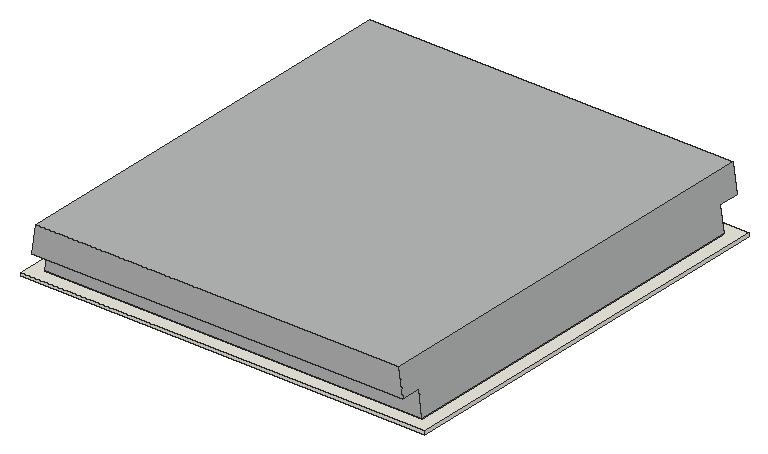
Revit family "OPERLUX", category Осветительные приборы, Revit 2019 (continued)
Types (8, lengths in mm): name | Файл фотометрической сетки | built-in parameter 1150105 | Lumens | built-in parameter 1150106 | built-in parameter 1150142 | Wattage | ADSK_Ток | ADSK_Полная мощность | ADSK_Обозначение | ADSK_Номинальная мощность | ADSK_Наименование | ADSK_Код изделия
  CSVT Operlux - 50/opal-sand (IP20, 4000К, грильято) | "Светильник OPERLUX-50 OPAL-SAND-(595х595).IES" | 350.14 (stored number, unit not read) | 4400 lm | 3.5014 (stored number, unit not read) | "IESNA:LM-63-95\r\n[TEST] Протокол №87\r\n[DATA] 01.08.2016\r\n[MORE] \r\n[MANUFAC] ЗАО \"Центрстройсвет\"\r\n[LUMCAT]  Светильник OPERLUX-50/OPAL-SAND-(595х595)\r\n[LUMINAIRE]\r\n[LAMPCAT] Светодиоды\r\n[LAMP] Поток источника света (светодиодов) не известен\r\n[MORE] КСС приведена в абсолютных величинах кд\r\n[MORE] Вместо потока лампы, указан поток светильника.\r\nTILT=NONE\r\n1    4360 1.0 37 73 1 2 0.595 0.595 0.08\r\n1.0 1.0 51.1\r\n0.0 5.0 10.0 15.0 20.0 25.0 30.0 35.0 40.0 45.0 50.0 55.0 60.0 65.0 70.0 75.0 80.0 85.0 90.0 95.0 100.0 105.0 110.0 115.0 120.0 125.0 130.0 135.0 140.0 145.0 150.0 155.0 160.0 165.0 170.0 175.0 180.0\r\n0.0 5.0 10.0 15.0 20.0 25.0 30.0 35.0 40.0 45.0 50.0 55.0 60.0 65.0 70.0 75.0 80.0 85.0 90.0 95.0 100.0 105.0 110.0 115.0 120.0 125.0 130.0 135.0 140.0 145.0 150.0 155.0 160.0 165.0 170.0 175.0 180.0 185.0 190.0 195.0 200.0 205.0 210.0 215.0 220.0 225.0 230.0 235.0 240.0 245.0 250.0 255.0 260.0 265.0 270.0 275.0 280.0 285.0 290.0 295.0 300.0 305.0 310.0 315.0 320.0 325.0 330.0 335.0 340.0 345.0 350.0 355.0 360.0\r\n1668.7 1659.6 1629.6 1578.5 1506.9 1424.9 1328.8 1227.3 1103.9 991.5 866.9 745.1 621.0 501.1 379.2 267.2 163.9 67.3 3.7 0.0 0.0 0.0 0.0 0.0 0.0 0.0 0.0 0.0 0.0 0.0 0.0 0.0 0.0 0.0 0.0 0.0 0.0\r\n1668.7 1661.2 1627.4 1575.2 1509.7 1429.4 1327.7 1218.0 1105.0 985.9 869.3 744.6 622.5 498.8 379.1 267.9 162.9 68.6 3.2 0.0 0.0 0.0 0.0 0.0 0.0 0.0 0.0 0.0 0.0 0.0 0.0 0.0 0.0 0.0 0.0 0.0 0.0\r\n1668.7 1662.4 1628.3 1576.3 1510.5 1426.6 1332.1 1220.9 1109.0 994.6 869.0 748.3 623.0 500.7 379.9 267.3 162.3 69.8 3.0 0.0 0.0 0.0 0.0 0.0 0.0 0.0 0.0 0.0 0.0 0.0 0.0 0.0 0.0 0.0 0.0 0.0 0.0\r\n1668.7 1662.8 1628.0 1576.8 1512.4 1425.6 1334.9 1226.3 1114.2 993.5 867.6 746.9 625.4 500.4 379.6 266.7 161.7 69.6 2.9 0.0 0.0 0.0 0.0 0.0 0.0 0.0 0.0 0.0 0.0 0.0 0.0 0.0 0.0 0.0 0.0 0.0 0.0\r\n1668.7 1662.3 1629.5 1578.8 1506.4 1424.5 1327.6 1225.7 1113.2 992.2 870.2 744.3 620.6 498.0 379.5 267.1 162.0 69.0 3.3 0.0 0.0 0.0 0.0 0.0 0.0 0.0 0.0 0.0 0.0 0.0 0.0 0.0 0.0 0.0 0.0 0.0 0.0\r\n1668.7 1661.2 1629.2 1579.0 1511.2 1420.4 1326.5 1221.8 1112.1 991.1 870.4 745.3 620.4 499.7 379.3 267.1 161.7 68.5 3.5 0.0 0.0 0.0 0.0 0.0 0.0 0.0 0.0 0.0 0.0 0.0 0.0 0.0 0.0 0.0 0.0 0.0 0.0\r\n1668.7 1660.7 1629.1 1581.1 1507.8 1424.8 1330.7 1223.9 1112.1 989.2 868.6 742.9 623.2 497.4 380.5 265.6 161.7 67.8 3.9 0.0 0.0 0.0 0.0 0.0 0.0 0.0 0.0 0.0 0.0 0.0 0.0 0.0 0.0 0.0 0.0 0.0 0.0\r\n1668.7 1661.2 1631.6 1579.6 1505.1 1424.2 1331.2 1230.2 1114.2 991.2 870.0 745.9 623.4 499.0 378.9 265.2 161.9 67.5 4.0 0.0 0.0 0.0 0.0 0.0 0.0 0.0 0.0 0.0 0.0 0.0 0.0 0.0 0.0 0.0 0.0 0.0 0.0\r\n1668.7 1661.3 1630.3 1578.5 1510.3 1427.9 1328.6 1225.8 1110.1 989.9 871.4 746.5 622.7 497.3 380.8 263.9 161.9 67.8 3.6 0.0 0.0 0.0 0.0 0.0 0.0 0.0 0.0 0.0 0.0 0.0 0.0 0.0 0.0 0.0 0.0 0.0 0.0\r\n1668.7 1660.6 1628.6 1576.0 1506.0 1429.8 1329.6 1227.0 1109.6 993.6 870.8 745.7 621.0 501.1 379.5 265.7 160.9 68.9 2.9 0.0 0.0 0.0 0.0 0.0 0.0 0.0 0.0 0.0 0.0 0.0 0.0 0.0 0.0 0.0 0.0 0.0 0.0\r\n1668.7 1660.4 1628.5 1575.9 1512.0 1422.7 1328.8 1225.7 1115.5 996.2 875.1 748.0 619.7 498.5 379.9 265.4 159.9 69.2 2.8 0.0 0.0 0.0 0.0 0.0 0.0 0.0 0.0 0.0 0.0 0.0 0.0 0.0 0.0 0.0 0.0 0.0 0.0\r\n1668.7 1661.3 1629.0 1577.3 1514.4 1427.4 1334.2 1228.8 1113.3 993.9 873.5 746.4 624.5 497.9 380.3 265.8 161.1 68.5 3.4 0.0 0.0 0.0 0.0 0.0 0.0 0.0 0.0 0.0 0.0 0.0 0.0 0.0 0.0 0.0 0.0 0.0 0.0\r\n1668.7 1662.6 1627.2 1576.5 1509.8 1428.0 1332.8 1226.9 1112.7 992.9 870.6 748.0 626.4 500.5 380.5 265.5 161.9 67.8 4.2 0.0 0.0 0.0 0.0 0.0 0.0 0.0 0.0 0.0 0.0 0.0 0.0 0.0 0.0 0.0 0.0 0.0 0.0\r\n1668.7 1663.3 1627.2 1581.1 1513.2 1430.3 1333.6 1228.3 1114.5 996.7 872.4 750.0 624.4 501.4 381.7 265.5 162.8 68.1 4.3 0.0 0.0 0.0 0.0 0.0 0.0 0.0 0.0 0.0 0.0 0.0 0.0 0.0 0.0 0.0 0.0 0.0 0.0\r\n1668.7 1662.7 1630.2 1580.7 1513.1 1429.9 1334.6 1234.1 1119.3 997.5 875.3 750.4 626.6 500.7 381.4 267.0 162.7 68.9 4.1 0.0 0.0 0.0 0.0 0.0 0.0 0.0 0.0 0.0 0.0 0.0 0.0 0.0 0.0 0.0 0.0 0.0 0.0\r\n1668.7 1661.4 1630.9 1581.9 1512.1 1431.3 1333.4 1228.5 1120.1 998.8 876.8 752.8 626.7 501.8 383.2 267.3 162.1 70.2 3.9 0.0 0.0 0.0 0.0 0.0 0.0 0.0 0.0 0.0 0.0 0.0 0.0 0.0 0.0 0.0 0.0 0.0 0.0\r\n1668.7 1660.9 1630.4 1580.2 1513.1 1434.1 1338.6 1231.4 1117.0 1001.2 879.5 753.4 628.7 504.0 383.3 269.0 163.0 71.0 3.6 0.0 0.0 0.0 0.0 0.0 0.0 0.0 0.0 0.0 0.0 0.0 0.0 0.0 0.0 0.0 0.0 0.0 0.0\r\n1668.7 1661.4 1632.9 1581.5 1514.4 1429.4 1338.0 1234.4 1118.1 1001.5 880.2 754.5 629.1 505.6 383.3 268.4 163.5 71.1 4.3 0.0 0.0 0.0 0.0 0.0 0.0 0.0 0.0 0.0 0.0 0.0 0.0 0.0 0.0 0.0 0.0 0.0 0.0\r\n1668.7 1662.0 1633.6 1585.1 1515.5 1432.6 1345.5 1233.3 1119.3 1002.3 882.0 757.0 629.5 506.1 384.4 269.0 165.2 71.1 4.8 0.0 0.0 0.0 0.0 0.0 0.0 0.0 0.0 0.0 0.0 0.0 0.0 0.0 0.0 0.0 0.0 0.0 0.0\r\n1668.7 1662.9 1634.5 1583.6 1517.1 1433.6 1338.6 1232.1 1122.0 1004.8 879.5 758.3 630.8 509.2 384.4 270.3 166.1 71.4 5.1 0.0 0.0 0.0 0.0 0.0 0.0 0.0 0.0 0.0 0.0 0.0 0.0 0.0 0.0 0.0 0.0 0.0 0.0\r\n1668.7 1663.3 1634.3 1585.3 1515.9 1429.3 1341.9 1233.6 1121.4 1003.7 883.0 757.4 630.3 507.6 385.6 271.5 165.3 72.6 4.7 0.0 0.0 0.0 0.0 0.0 0.0 0.0 0.0 0.0 0.0 0.0 0.0 0.0 0.0 0.0 0.0 0.0 0.0\r\n1668.7 1662.6 1631.3 1581.3 1518.2 1440.3 1339.1 1231.7 1123.2 1004.3 882.1 755.6 631.9 509.1 386.7 273.0 166.2 74.3 4.4 0.0 0.0 0.0 0.0 0.0 0.0 0.0 0.0 0.0 0.0 0.0 0.0 0.0 0.0 0.0 0.0 0.0 0.0\r\n1668.7 1661.6 1631.6 1584.9 1515.1 1435.2 1345.1 1231.2 1125.1 1005.8 881.5 759.3 633.4 507.7 388.2 274.2 166.7 75.3 4.4 0.0 0.0 0.0 0.0 0.0 0.0 0.0 0.0 0.0 0.0 0.0 0.0 0.0 0.0 0.0 0.0 0.0 0.0\r\n1668.7 1661.3 1629.8 1583.2 1518.0 1436.1 1343.1 1236.5 1124.5 1007.8 885.1 762.0 631.3 508.5 389.6 274.9 167.6 76.6 4.5 0.0 0.0 0.0 0.0 0.0 0.0 0.0 0.0 0.0 0.0 0.0 0.0 0.0 0.0 0.0 0.0 0.0 0.0\r\n1668.7 1661.1 1631.8 1584.3 1520.8 1431.4 1341.9 1236.5 1125.9 1005.6 883.6 759.8 635.7 509.5 389.7 275.2 170.0 76.9 5.2 0.0 0.0 0.0 0.0 0.0 0.0 0.0 0.0 0.0 0.0 0.0 0.0 0.0 0.0 0.0 0.0 0.0 0.0\r\n1668.7 1660.8 1630.9 1584.0 1515.0 1434.2 1337.6 1237.3 1125.4 1008.7 881.4 761.3 636.6 511.6 391.7 275.7 171.1 77.4 6.1 0.0 0.0 0.0 0.0 0.0 0.0 0.0 0.0 0.0 0.0 0.0 0.0 0.0 0.0 0.0 0.0 0.0 0.0\r\n1668.7 1660.2 1629.8 1586.2 1518.6 1437.5 1343.0 1239.8 1126.1 1008.2 885.0 760.6 633.6 512.5 392.7 277.9 172.8 77.8 6.6 0.0 0.0 0.0 0.0 0.0 0.0 0.0 0.0 0.0 0.0 0.0 0.0 0.0 0.0 0.0 0.0 0.0 0.0\r\n1668.7 1659.3 1629.8 1584.4 1520.0 1438.3 1342.3 1237.8 1127.1 1007.7 886.2 762.4 636.5 512.8 393.7 277.8 173.5 79.2 6.6 0.0 0.0 0.0 0.0 0.0 0.0 0.0 0.0 0.0 0.0 0.0 0.0 0.0 0.0 0.0 0.0 0.0 0.0\r\n1668.7 1659.5 1632.5 1582.9 1515.2 1434.5 1343.2 1240.3 1130.5 1008.9 886.6 763.3 639.8 516.7 393.6 280.0 174.3 80.5 6.4 0.0 0.0 0.0 0.0 0.0 0.0 0.0 0.0 0.0 0.0 0.0 0.0 0.0 0.0 0.0 0.0 0.0 0.0\r\n1668.7 1660.6 1633.6 1583.4 1521.9 1437.2 1339.0 1243.0 1126.8 1005.9 885.7 761.7 641.5 514.3 394.8 282.5 175.1 81.9 6.4 0.0 0.0 0.0 0.0 0.0 0.0 0.0 0.0 0.0 0.0 0.0 0.0 0.0 0.0 0.0 0.0 0.0 0.0\r\n1668.7 1661.9 1633.3 1583.1 1518.6 1441.1 1347.9 1241.2 1129.6 1008.1 887.8 763.3 639.7 515.0 394.5 283.1 175.2 83.0 6.6 0.0 0.0 0.0 0.0 0.0 0.0 0.0 0.0 0.0 0.0 0.0 0.0 0.0 0.0 0.0 0.0 0.0 0.0\r\n1668.7 1662.6 1633.8 1583.4 1517.5 1439.9 1346.9 1241.5 1130.6 1011.3 889.6 762.3 641.5 518.0 396.2 283.9 177.7 83.3 7.5 0.0 0.0 0.0 0.0 0.0 0.0 0.0 0.0 0.0 0.0 0.0 0.0 0.0 0.0 0.0 0.0 0.0 0.0\r\n1668.7 1662.6 1630.0 1583.8 1520.2 1440.2 1348.3 1244.1 1128.3 1010.9 888.2 764.5 641.5 519.8 397.5 284.5 178.8 83.2 8.7 0.0 0.0 0.0 0.0 0.0 0.0 0.0 0.0 0.0 0.0 0.0 0.0 0.0 0.0 0.0 0.0 0.0 0.0\r\n1668.7 1661.9 1631.2 1584.4 1518.9 1439.5 1345.4 1242.3 1129.4 1012.6 892.2 766.9 641.9 519.4 398.3 284.8 180.9 83.6 9.7 0.0 0.0 0.0 0.0 0.0 0.0 0.0 0.0 0.0 0.0 0.0 0.0 0.0 0.0 0.0 0.0 0.0 0.0\r\n1668.7 1661.1 1632.0 1581.0 1519.1 1440.1 1350.1 1240.6 1129.2 1009.7 891.6 764.6 642.3 519.8 399.9 285.2 182.1 83.7 10.3 0.0 0.0 0.0 0.0 0.0 0.0 0.0 0.0 0.0 0.0 0.0 0.0 0.0 0.0 0.0 0.0 0.0 0.0\r\n1668.7 1660.5 1631.5 1582.3 1514.8 1437.8 1345.1 1242.3 1131.3 1009.2 889.4 767.8 641.5 521.6 398.4 285.1 181.6 83.3 10.1 0.0 0.0 0.0 0.0 0.0 0.0 0.0 0.0 0.0 0.0 0.0 0.0 0.0 0.0 0.0 0.0 0.0 0.0\r\n1668.7 1659.9 1631.9 1580.6 1517.4 1441.2 1343.3 1236.6 1129.9 1011.1 888.6 766.5 641.0 518.5 398.4 284.8 180.9 83.2 9.4 0.0 0.0 0.0 0.0 0.0 0.0 0.0 0.0 0.0 0.0 0.0 0.0 0.0 0.0 0.0 0.0 0.0 0.0\r\n1668.7 1659.2 1631.0 1583.9 1516.4 1436.4 1344.4 1234.8 1122.9 1010.4 889.9 763.9 642.8 519.5 398.3 285.1 180.1 83.1 8.4 0.0 0.0 0.0 0.0 0.0 0.0 0.0 0.0 0.0 0.0 0.0 0.0 0.0 0.0 0.0 0.0 0.0 0.0\r\n1668.7 1658.8 1630.0 1581.5 1516.1 1439.5 1344.9 1236.0 1129.2 1012.1 888.0 764.5 640.0 517.9 398.2 284.4 178.4 82.8 7.7 0.0 0.0 0.0 0.0 0.0 0.0 0.0 0.0 0.0 0.0 0.0 0.0 0.0 0.0 0.0 0.0 0.0 0.0\r\n1668.7 1658.2 1627.9 1581.5 1522.0 1437.5 1344.1 1236.7 1129.2 1009.5 886.6 765.9 643.0 517.8 399.4 285.0 178.9 83.8 7.5 0.0 0.0 0.0 0.0 0.0 0.0 0.0 0.0 0.0 0.0 0.0 0.0 0.0 0.0 0.0 0.0 0.0 0.0\r\n1668.7 1656.2 1627.9 1581.3 1515.2 1433.6 1344.5 1242.0 1127.7 1010.5 888.1 765.4 642.0 517.4 398.9 284.5 178.2 83.6 7.5 0.0 0.0 0.0 0.0 0.0 0.0 0.0 0.0 0.0 0.0 0.0 0.0 0.0 0.0 0.0 0.0 0.0 0.0\r\n1668.7 1654.2 1626.3 1579.8 1518.5 1437.8 1348.4 1243.3 1129.5 1011.7 889.2 763.0 641.8 518.9 399.0 283.8 178.9 83.7 7.8 0.0 0.0 0.0 0.0 0.0 0.0 0.0 0.0 0.0 0.0 0.0 0.0 0.0 0.0 0.0 0.0 0.0 0.0\r\n1668.7 1654.4 1627.5 1585.2 1518.5 1441.8 1344.2 1236.5 1124.2 1008.1 886.6 766.4 640.3 518.9 398.2 283.2 178.5 83.1 8.0 0.0 0.0 0.0 0.0 0.0 0.0 0.0 0.0 0.0 0.0 0.0 0.0 0.0 0.0 0.0 0.0 0.0 0.0\r\n1668.7 1655.6 1629.5 1583.3 1519.0 1435.4 1345.8 1240.6 1124.7 1007.5 887.5 762.2 642.6 517.4 397.5 282.1 178.5 82.4 7.9 0.0 0.0 0.0 0.0 0.0 0.0 0.0 0.0 0.0 0.0 0.0 0.0 0.0 0.0 0.0 0.0 0.0 0.0\r\n1668.7 1656.2 1629.1 1584.8 1517.3 1437.3 1343.2 1237.3 1123.2 1010.7 887.7 764.4 640.6 518.5 397.0 282.4 177.7 82.4 7.8 0.0 0.0 0.0 0.0 0.0 0.0 0.0 0.0 0.0 0.0 0.0 0.0 0.0 0.0 0.0 0.0 0.0 0.0\r\n1668.7 1656.9 1629.9 1580.4 1522.0 1437.4 1343.8 1240.0 1123.8 1006.0 886.4 764.7 639.8 516.7 398.3 281.7 176.2 81.9 7.7 0.0 0.0 0.0 0.0 0.0 0.0 0.0 0.0 0.0 0.0 0.0 0.0 0.0 0.0 0.0 0.0 0.0 0.0\r\n1668.7 1658.0 1629.7 1580.8 1515.8 1440.3 1344.5 1242.2 1125.3 1007.7 887.4 762.0 640.4 517.1 396.7 282.7 175.2 81.7 7.8 0.0 0.0 0.0 0.0 0.0 0.0 0.0 0.0 0.0 0.0 0.0 0.0 0.0 0.0 0.0 0.0 0.0 0.0\r\n1668.7 1658.3 1628.3 1584.2 1519.0 1435.6 1341.0 1240.8 1123.6 1007.9 888.6 767.0 638.3 516.4 396.2 280.4 174.7 81.2 7.7 0.0 0.0 0.0 0.0 0.0 0.0 0.0 0.0 0.0 0.0 0.0 0.0 0.0 0.0 0.0 0.0 0.0 0.0\r\n1668.7 1658.0 1628.5 1579.9 1515.9 1435.1 1341.0 1239.2 1124.3 1011.8 887.9 763.8 643.3 515.0 395.6 280.7 175.8 80.1 7.7 0.0 0.0 0.0 0.0 0.0 0.0 0.0 0.0 0.0 0.0 0.0 0.0 0.0 0.0 0.0 0.0 0.0 0.0\r\n1668.7 1657.5 1628.1 1579.6 1518.8 1436.1 1340.4 1235.7 1127.5 1007.0 885.1 759.1 638.8 515.0 393.4 278.9 174.5 78.8 7.5 0.0 0.0 0.0 0.0 0.0 0.0 0.0 0.0 0.0 0.0 0.0 0.0 0.0 0.0 0.0 0.0 0.0 0.0\r\n1668.7 1657.0 1625.7 1579.0 1514.0 1433.2 1339.4 1239.2 1125.1 1008.5 884.4 764.4 639.1 515.7 395.3 279.0 174.1 78.0 7.1 0.0 0.0 0.0 0.0 0.0 0.0 0.0 0.0 0.0 0.0 0.0 0.0 0.0 0.0 0.0 0.0 0.0 0.0\r\n1668.7 1656.8 1625.2 1580.6 1513.1 1433.9 1342.3 1235.0 1126.8 1009.8 885.0 762.5 638.9 512.6 393.6 277.5 172.5 77.8 6.6 0.0 0.0 0.0 0.0 0.0 0.0 0.0 0.0 0.0 0.0 0.0 0.0 0.0 0.0 0.0 0.0 0.0 0.0\r\n1668.7 1656.8 1627.8 1580.8 1513.7 1434.0 1335.2 1233.8 1121.4 1003.6 884.8 758.7 637.3 512.3 392.7 278.6 170.9 77.5 6.1 0.0 0.0 0.0 0.0 0.0 0.0 0.0 0.0 0.0 0.0 0.0 0.0 0.0 0.0 0.0 0.0 0.0 0.0\r\n1668.7 1656.8 1629.9 1577.7 1513.8 1429.7 1337.2 1236.1 1122.5 1004.8 883.2 759.4 635.3 513.8 390.9 276.8 170.0 76.4 6.2 0.0 0.0 0.0 0.0 0.0 0.0 0.0 0.0 0.0 0.0 0.0 0.0 0.0 0.0 0.0 0.0 0.0 0.0\r\n1668.7 1656.7 1627.5 1580.0 1511.9 1430.7 1335.1 1234.3 1121.9 1000.4 882.1 758.5 634.2 511.4 390.0 275.2 169.6 74.9 6.3 0.0 0.0 0.0 0.0 0.0 0.0 0.0 0.0 0.0 0.0 0.0 0.0 0.0 0.0 0.0 0.0 0.0 0.0\r\n1668.7 1656.5 1626.1 1578.7 1510.7 1428.4 1336.1 1231.6 1119.3 1002.4 880.3 756.9 630.8 509.4 387.4 274.5 169.3 73.9 6.1 0.0 0.0 0.0 0.0 0.0 0.0 0.0 0.0 0.0 0.0 0.0 0.0 0.0 0.0 0.0 0.0 0.0 0.0\r\n1668.7 1656.9 1624.1 1580.0 1512.5 1431.8 1335.0 1232.8 1114.5 1002.0 879.2 756.5 632.7 509.9 388.3 274.3 168.5 73.9 5.2 0.0 0.0 0.0 0.0 0.0 0.0 0.0 0.0 0.0 0.0 0.0 0.0 0.0 0.0 0.0 0.0 0.0 0.0\r\n1668.7 1657.4 1627.3 1577.5 1510.5 1428.0 1332.2 1231.2 1119.0 996.8 878.1 754.9 631.3 509.5 386.3 273.5 167.4 73.9 4.4 0.0 0.0 0.0 0.0 0.0 0.0 0.0 0.0 0.0 0.0 0.0 0.0 0.0 0.0 0.0 0.0 0.0 0.0\r\n1668.7 1656.8 1624.9 1575.0 1510.9 1425.4 1341.0 1231.7 1112.8 998.9 876.4 756.1 630.3 506.5 387.6 272.4 166.6 73.7 3.9 0.0 0.0 0.0 0.0 0.0 0.0 0.0 0.0 0.0 0.0 0.0 0.0 0.0 0.0 0.0 0.0 0.0 0.0\r\n1668.7 1655.8 1625.5 1580.8 1509.5 1427.9 1329.8 1230.8 1113.9 997.0 874.1 755.5 630.5 505.8 386.3 271.1 165.5 73.5 3.5 0.0 0.0 0.0 0.0 0.0 0.0 0.0 0.0 0.0 0.0 0.0 0.0 0.0 0.0 0.0 0.0 0.0 0.0\r\n1668.7 1656.1 1623.0 1574.0 1511.3 1429.9 1329.1 1228.2 1114.2 1000.1 875.4 750.0 628.4 506.5 385.2 270.5 165.5 72.6 3.7 0.0 0.0 0.0 0.0 0.0 0.0 0.0 0.0 0.0 0.0 0.0 0.0 0.0 0.0 0.0 0.0 0.0 0.0\r\n1668.7 1656.9 1622.4 1577.6 1509.1 1425.1 1334.0 1226.9 1113.2 993.4 874.4 751.8 626.8 504.9 383.8 270.3 165.2 71.7 3.7 0.0 0.0 0.0 0.0 0.0 0.0 0.0 0.0 0.0 0.0 0.0 0.0 0.0 0.0 0.0 0.0 0.0 0.0\r\n1668.7 1657.2 1623.8 1573.4 1509.9 1426.8 1331.5 1226.4 1115.4 997.4 876.1 749.4 624.5 503.0 383.8 268.8 164.8 70.5 3.8 0.0 0.0 0.0 0.0 0.0 0.0 0.0 0.0 0.0 0.0 0.0 0.0 0.0 0.0 0.0 0.0 0.0 0.0\r\n1668.7 1657.1 1623.9 1576.3 1508.3 1422.8 1331.0 1223.5 1111.1 993.9 873.1 748.4 624.8 501.7 382.2 268.4 163.8 70.0 3.4 0.0 0.0 0.0 0.0 0.0 0.0 0.0 0.0 0.0 0.0 0.0 0.0 0.0 0.0 0.0 0.0 0.0 0.0\r\n1668.7 1657.0 1623.0 1575.4 1509.9 1424.6 1327.4 1223.7 1110.2 991.6 867.9 747.3 621.9 501.1 382.3 267.9 163.9 70.1 2.9 0.0 0.0 0.0 0.0 0.0 0.0 0.0 0.0 0.0 0.0 0.0 0.0 0.0 0.0 0.0 0.0 0.0 0.0\r\n1668.7 1656.6 1625.1 1575.3 1504.9 1426.3 1331.8 1226.1 1114.0 992.9 868.4 743.8 622.4 501.4 380.5 268.5 162.3 70.1 2.3 0.0 0.0 0.0 0.0 0.0 0.0 0.0 0.0 0.0 0.0 0.0 0.0 0.0 0.0 0.0 0.0 0.0 0.0\r\n1668.7 1656.6 1626.1 1575.6 1504.6 1423.4 1325.1 1217.7 1110.8 992.0 869.7 744.9 622.1 498.7 379.6 266.8 161.5 69.8 2.1 0.0 0.0 0.0 0.0 0.0 0.0 0.0 0.0 0.0 0.0 0.0 0.0 0.0 0.0 0.0 0.0 0.0 0.0\r\n1668.7 1657.3 1627.5 1573.3 1509.3 1423.6 1329.5 1220.0 1107.8 992.0 870.1 744.3 623.3 498.1 378.6 266.8 161.6 69.0 2.5 0.0 0.0 0.0 0.0 0.0 0.0 0.0 0.0 0.0 0.0 0.0 0.0 0.0 0.0 0.0 0.0 0.0 0.0\r\n1668.7 1658.4 1625.7 1573.2 1504.9 1428.5 1325.0 1222.6 1105.0 990.6 867.2 742.8 618.6 497.5 379.6 266.3 162.1 68.1 3.0 0.0 0.0 0.0 0.0 0.0 0.0 0.0 0.0 0.0 0.0 0.0 0.0 0.0 0.0 0.0 0.0 0.0 0.0\r\n1668.7 1659.3 1624.8 1578.5 1504.1 1419.4 1331.2 1218.6 1102.9 988.4 864.2 740.2 617.2 498.2 377.7 265.6 162.3 66.9 3.4 0.0 0.0 0.0 0.0 0.0 0.0 0.0 0.0 0.0 0.0 0.0 0.0 0.0 0.0 0.0 0.0 0.0 0.0\r\n1668.7 1659.3 1625.5 1576.3 1507.4 1423.9 1326.0 1220.1 1107.7 988.1 868.5 741.8 618.9 498.1 376.8 265.2 162.8 66.1 3.7 0.0 0.0 0.0 0.0 0.0 0.0 0.0 0.0 0.0 0.0 0.0 0.0 0.0 0.0 0.0 0.0 0.0 0.0\r\n1668.7 1659.0 1626.8 1576.9 1509.5 1426.9 1322.3 1223.2 1109.3 991.4 866.9 742.6 618.9 498.0 376.9 265.0 163.5 66.5 3.9 0.0 0.0 0.0 0.0 0.0 0.0 0.0 0.0 0.0 0.0 0.0 0.0 0.0 0.0 0.0 0.0 0.0 0.0\r\n1668.7 1659.6 1629.6 1578.5 1506.9 1424.9 1328.8 1227.3 1103.9 991.5 866.9 745.1 621.0 501.1 379.2 267.2 163.9 67.3 3.7 0.0 0.0 0.0 0.0 0.0 0.0 0.0 0.0 0.0 0.0 0.0 0.0 0.0 0.0 0.0 0.0 0.0 0.0\r\n" | 29.6213 W | 0.226843 A | 52.1739 VA | "CSVT Operlux-50/opal-sand (IP20, 4000К, грильято)" | 48 W | "Встраиваемый светодиодный светильник CSVT Operlux-50/opal-sand (IP20, 4000К, грильято)" | "ЦБ000007888"
